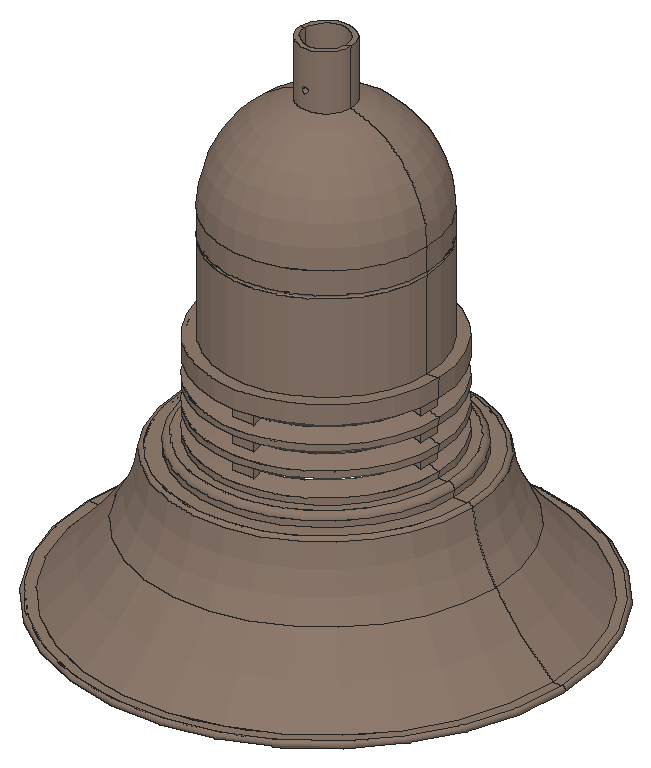
Revit family "BVF2009", category Generic Models, Revit 2014
Parameters
  GLASS = Glass
  BELL = Bronze, Architectural
Reference planes (in)
  plane 1 "Center (Front/Back)": y = 0
  plane 2: z = 0
  plane 3 "Center (Left/Right)": x = 0
Forms (in)
  Revolve 1, solid, material "Bronze, Architectural" <- "BELL"
    sketch origin (0, 0, -1.63487) x (1, 0, 0) y (0, 0, 1)
      loop
        line (-0.6575, 20.49004) -> (-1.0625, 20.49004)
        arc (-1.0625, 20.49004) -> (-3.35992, 18.97758) -> (-4.25, 16.375) r 4.25
        line (-4.25, 16.375) -> (-4.25, 15.4375)
        arc (-4.25, 15.4375) -> (-4.21143, 15.375) -> (-4.25, 15.3125) r 0.06992
        line (-4.25, 15.3125) -> (-4.25, 11.625) -> (-4.75, 11.625) -> (-4.75, 10.875) -> (-4, 10.875) -> (-4, 11) -> (-4.625, 11) -> (-4.625, 11.5) -> (-4.125, 11.5) -> (-4.125, 15.2586)
        arc (-4.125, 15.2586) -> (-4.08643, 15.375) -> (-4.125, 15.4914) r 0.19492
        line (-4.125, 15.4914) -> (-4.125, 16.375)
        arc (-4.125, 16.375) -> (-3.26592, 18.8948) -> (-1.0465, 20.36504) r 4.125
        line (-1.0465, 20.36504) -> (-0.6575, 20.36504) -> (-0.6575, 20.49004)
      axis (0, 20.49004) -> (0, 10.875)
    angle from 0 to 360
  Revolve 2, solid, material "Bronze, Architectural" <- "BELL"
    sketch origin (0, 0, -1.63487) x (1, 0, 0) y (0, 0, 1)
      loop
        line (-4, 10.375) -> (-4.75, 10.125) -> (-4.75, 9.875) -> (-4.625, 9.875) -> (-4.625, 10.03491) -> (-3.96047, 10.25641) -> (-3.96047, 10.375) -> (-4, 10.375)
      loop
        line (-4, 9.375) -> (-4.75, 9.125) -> (-4.75, 8.875) -> (-4.625, 8.875) -> (-4.625, 9.03491) -> (-3.96047, 9.25641) -> (-3.96047, 9.375) -> (-4, 9.375)
      loop
        line (-4, 8.375) -> (-4.75, 8.125) -> (-4.75, 7.875) -> (-4.625, 7.875) -> (-4.625, 8.03491) -> (-3.96047, 8.25641) -> (-3.96047, 8.375) -> (-4, 8.375)
      axis (0, 10.375) -> (0, 7.875)
    angle from 0 to 360
  Extrusion 3, solid, material "Bronze, Architectural" <- "BELL"
    sketch origin (0, 0, -1.63487) x (1, 0, 0) y (0, 0, 1)
      loop
        line (0.4375, 10.875) -> (-0.4375, 10.875) -> (-0.4375, 7.875) -> (0.4375, 7.875) -> (0.4375, 10.875)
    from 4 to 4.3125
  Extrusion 4, solid, material "Bronze, Architectural" <- "BELL"
    sketch origin (0, 0, -1.63487) x (-1, 0, 0) y (0, 0, 1)
      loop
        line (0.4375, 10.875) -> (-0.4375, 10.875) -> (-0.4375, 7.875) -> (0.4375, 7.875) -> (0.4375, 10.875)
    from 4 to 4.3125
  Extrusion 5, solid, material "Bronze, Architectural" <- "BELL"
    sketch origin (0, 0, -1.63487) x (0, -1, 0) y (0, 0, 1)
      loop
        line (0.4375, 10.875) -> (-0.4375, 10.875) -> (-0.4375, 7.875) -> (0.4375, 7.875) -> (0.4375, 10.875)
    from 4 to 4.3125
  Extrusion 6, solid, material "Bronze, Architectural" <- "BELL"
    sketch origin (0, 0, -1.63487) x (0, 1, 0) y (0, 0, 1)
      loop
        line (0.4375, 10.875) -> (-0.4375, 10.875) -> (-0.4375, 7.875) -> (0.4375, 7.875) -> (0.4375, 10.875)
    from 4 to 4.3125
  Revolve 7, solid, material "Glass" <- "GLASS"
    sketch origin (0, 0, -1.63487) x (1, 0, 0) y (0, 0, 1)
      loop
        line (4, 11.5) -> (0, 11.5) -> (0, 7.75) -> (4, 7.75) -> (4, 11.5)
      axis (0, 11.5) -> (0, 7.75)
    angle from 0 to 360
  Revolve 8, solid, material "Bronze, Architectural" <- "BELL"
    sketch origin (0, 0, -1.63487) x (1, 0, 0) y (0, 0, 1)
      loop
        line (-1.0625, 22.80358) -> (-1.0625, 20.49004) -> (-0.875, 20.49004) -> (-0.875, 22.80358) -> (-1.0625, 22.80358)
      axis (0, 22.80358) -> (0, 20.49004)
    angle from 0 to 360
  Extrusion 9, void
    sketch origin (0, 0, -1.63487) x (1, 0, 0) y (0, 0, 1)
      loop
        circle (0, 21.24004) r 0.125
    from -1.16113 to 1.14144
  Revolve 10, solid, material "Bronze, Architectural" <- "BELL"
    sketch origin (-0.00452, 0, -1.50947) x (1, 0, 0) y (0, 0, 1)
      loop
        line (-4.02812, 7.25) -> (-5.96994, 7.25)
        arc (-5.96994, 7.25) -> (-6.07735, 7.21619) -> (-6.14602, 7.12694) r 0.1875
        arc (-6.14602, 7.12694) -> (-6.46299, 5.74091) -> (-7.11563, 4.47774) r 5.65554
        arc (-7.11563, 4.47774) -> (-8.22829, 3.04863) -> (-9.50045, 1.75947) r 15.45956
        line (-9.50045, 1.75947) -> (-9.90165, 1.75947)
        arc (-9.90165, 1.75947) -> (-10.02665, 1.63447) -> (-9.90165, 1.50947) r 0.125
        line (-9.90165, 1.50947) -> (-9.59384, 1.50947)
        arc (-9.59384, 1.50947) -> (-8.21273, 2.87751) -> (-7.01267, 4.40686) r 15.58456
        arc (-7.01267, 4.40686) -> (-6.3491, 5.68843) -> (-6.02366, 7.09444) r 5.78054
        arc (-6.02366, 7.09444) -> (-6.00084, 7.11683) -> (-5.96994, 7.125) r 0.0625
        line (-5.96994, 7.125) -> (-4.02812, 7.125) -> (-4.02812, 7.25)
      axis (0, 7.25) -> (0, 1.50947)
    angle from 0 to 360
  Revolve 11, solid, material "Bronze, Architectural" <- "BELL"
    sketch origin (0, 0, -1.50987) x (1, 0, 0) y (0, 0, 1)
      loop
        line (-4, 7.75) -> (-5.125, 7.75)
        arc (-5.125, 7.75) -> (-5.30178, 7.67678) -> (-5.375, 7.5) r 0.25
        line (-5.375, 7.5) -> (-5.375, 7.25) -> (-4, 7.25) -> (-4, 7.75)
      axis (0, 7.25) -> (0, 7.75)
    angle from 0 to 360
Cuts and joins
  Extrusion 9 cuts Revolve 8
Dimensions and locks (in)
  aligned and locked: plane 2 to level
